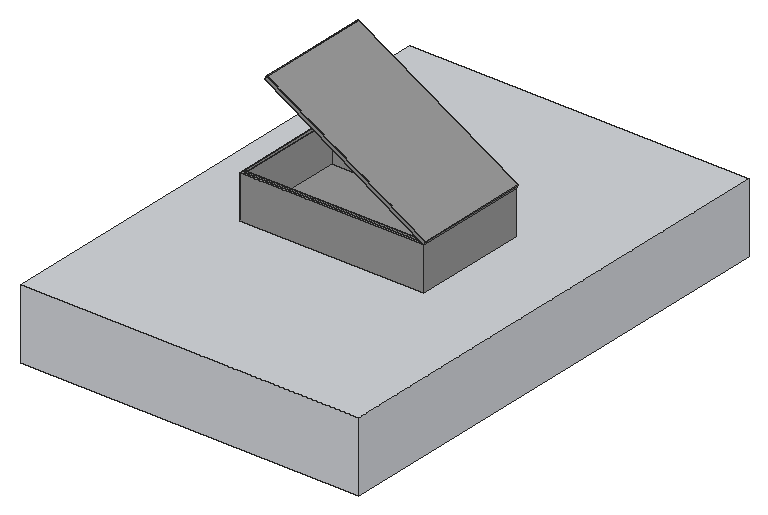
Revit family "Hager-Univers-IP44-D205-Cl.I-enclosure_metering-DE-de", category Equipement électrique, Revit 2020
Family settings
  Hôte = Face
  Configuration du panneau = Deux colonnes, circuits au sein
  Cote de connecteur circulaire = Utiliser le diamètre
  Type d'élément = Tableau de raccordement
  Couper avec des vides une fois chargée = Non
  Partagée = Non
  Point de calcul de pièce = Non
Parameters (values of type "Aufputz IP44 B800 H500 T205  - ZB013T")
  Width Control [instance] = if([EF000008 - Breite] > Min Width, [EF000008 - Breite], Min Width)  # 800 mm
  Commentaires du type = [HG000003 - Bereich]  # "Univers"
  Thickness Door [instance] = if([EF009171 - Materialstärke Tür/Deckel] > 3 mm, 3 mm, [EF009171 - Materialstärke Tür/Deckel])  # 1 mm
  Seal Frame Offset [instance] = 17 mm  # constant formula
  Plinth Visibility [instance] = [HG000027 - Sockelhöhe] > 0 mm  # no
  Model = ""
  Min Width [instance] = 100 mm  # constant formula
  Min Height [instance] = 100 mm  # constant formula
  Min Depth [instance] = (2 * [EF009170 - Materialstärke Gehäuse]) + 1 mm  # 3 mm
  Internal Frame Depth [instance] = (Door System Depth * 0.5)  # 9 mm
  Height Control [instance] = if([EF000040 - Höhe] > Min Height, [EF000040 - Höhe], Min Height)  # 500 mm
  HG000027 - Sockelhöhe = 0 mm
  HG000026 - Stehend auf dem Boden = no
  HG000024 - Höhe des unteren Teils = 800 mm
  HG000023 - Gehäuse mit doppeltem Querschnitt = no
  HG000016 - 3D-Türsichtbarkeit [instance] = yes
  HG000015 - Sichtbarkeit der Türöffnung [instance] = no
  HG000014 - Tür rechts [instance] = yes
  HG000013 - Tür links [instance] = not([HG000014 - Tür rechts])  # no
  HG000012 - Türschwenkwinkel [instance] = 30.00°
  HG000010 - Asymmetrische Türen = no
  HG000009 - Doppelflügeligen Tür = no
  HG000006 - Unterputz = no
  HG000004 - Herstellerreferenz = "ZB013T"
  HG000003 - Bereich = "Univers"
  HG000002 - Mit tür = yes
  Frame Offset Bottom [instance] = 10 mm  # constant formula
  Frame Offset [instance] = 15 mm  # constant formula
  EF015940 - Deckel mit Überdruckentlastung = no
  EF011959 - Schutzart (NEMA) = ""
  EF009554 - Anzahl der Öffnungen für Flanschplatten = 0
  Fabricant = "Hager"  # constant formula
  EF009212 - Ausführung Deckel = "EV000116 - geschlossen"
  EF009171 - Materialstärke Tür/Deckel = 1 mm
  EF009170 - Materialstärke Gehäuse = 1 mm
  EF008873 - Nennstrom (In) = 250 A
  EF007800 - Geeignet für Blitzschutz = no
  EF006306 - Mit Schloss = no
  EF006244 - Transparenter Deckel/Tür = no
  EF005474 - Schutzart (IP) = "EV006418 - IP44"
  EF004464 - Art der Tür = "EV003602 - Doppel"
  EF004427 - Anzahl der Module = 0
  EF004293 - Schlagfestigkeit = "EV006815 - IK09"
  EF003532 - Geeignet für Außengebrauch = no
  EF002950 - Breite in Teilungseinheiten = 0
  EF001613 - Funktionserhalt = "EV000494 - ohne"
  EF001596 - Werkstoff des Gehäuses = "EV000179 - Stahl"
  EF001131 - Innentiefe = 0 mm
  EF001088 - Anbaumöglichkeit = yes
  EF000437 - Anzahl der Leitungseinführungen = 0
  EF000339 - Art der Abdeckung = "EV004216 - Tür"
  EF000266 - Anzahl der Reihen = 0
  EF000218 - Einbautiefe = 0 mm
  EF000118 - Mit Montageplatte = no
  EF000116 - RAL-Nummer = "9010"
  EF000049 - Tiefe = 205 mm
  EF000040 - Höhe = 500 mm
  EF000008 - Breite = 800 mm
  EF000007 - Farbe = "EV000202 - weiß"
  EF000003 - Montageart = "EV000384 - Aufputz"
  Door System Leaf Tolerance [instance] = 1.5 mm  # constant formula
  Door System Depth [instance] = 18 mm  # constant formula
  Door Height [instance] = Height Control - [HG000027 - Sockelhöhe]  # 500 mm
  Depth Control [instance] = if([EF000049 - Tiefe] > Min Depth, [EF000049 - Tiefe], Min Depth)  # 205 mm
  Default Elevation = 0 mm
  Connector Offset [instance] = Height Control / 2  # 250 mm
  Bottom Top Plate Trim [instance] = 1.5 mm  # constant formula
  Plinth height Ctrl [instance] = if([HG000027 - Sockelhöhe] > 0 mm, [HG000027 - Sockelhöhe], 12 mm)  # 12 mm
Types (5, lengths in mm): name | Width Control | HG000004 - Herstellerreferenz | EF004464 - Art der Tür | EF004427 - Anzahl der Module | EF000266 - Anzahl der Reihen | EF000008 - Breite
  Aufputz IP44 B1050 H500 T205  - ZB014T | 1050 | "ZB014T" | "EV003602 - Doppel" | 144 | 0 | 1050
  Aufputz IP44 B1300 H500 T205  - ZB015T | 1300 | "ZB015T" | "EV003602 - Doppel" | 180 | 0 | 1300
  Aufputz IP44 B300 H500 T205  - ZB011T | 300 | "ZB011T" | "EV002646 - Einzel" | 48 | 4 | 300
  Aufputz IP44 B550 H500 T205  - ZB012T | 550 | "ZB012T" | "EV002646 - Einzel" | 0 | 0 | 550
  Aufputz IP44 B800 H500 T205  - ZB013T | 800 | "ZB013T" | "EV003602 - Doppel" | 0 | 0 | 800
Reference planes
  plane 1 "Center (Front/Back)": y = 0
  plane 2: z = 0
  plane 3 "Center (Left/Right)": x = 0
  plane 4: z = 205
  plane 5: y = 1
  plane 6: y = 250
  plane 7: y = 0
  plane 8: y = 500
  plane 9: z = 0
  plane 10: x = -385
  plane 11: x = 385
  plane 12: x = 384
  plane 13: x = -384
  plane 14: y = 499
  plane 15: x = -383
  plane 16: x = -400
  plane 17: x = 383
  plane 18: x = 400
  plane 19: x = 399
  plane 20: x = -399
  plane 21: y = 11
  plane 22: y = 500
  plane 23: y = 484
  plane 24: z = 187
  plane 25: z = 1
  plane 26: z = 186
  plane 27: z = 204
Forms (mm)
  Extrusion 1, solid
    sketch origin (0, 0, 0) x (1, 0, 0) y (0, 1, 0)
      loop
        line (-702.964, 1305) -> (-702.964, -811.445) -> (766.763, -811.445) -> (766.763, 1305) -> (-702.964, 1305)
    from 0 to -304.8
  Extrusion 2, solid, material "Hager_Steel_RAL7035_Light_Grey", visible <- "Plinth Visibility", detail levels medium+fine
    sketch origin (0, 0, 0) x (1, 0, 0) y (0, 1, 0)
      loop
        line (-400, 0) -> (400, 0) -> (400, 12) -> (-400, 12) -> (-400, 0)
    from 0 to 187
  Extrusion 3, solid, material "Hager_Steel_RAL7035_Light_Grey", detail levels medium+fine
    sketch origin (0, 0, 0) x (1, 0, 0) y (0, 1, 0)
      loop
        line (-400, 0) -> (400, 0) -> (400, 500) -> (-400, 500) -> (-400, 0)
    from 0 to 187
  Extrusion 4, void
    sketch origin (0, 0, 0) x (1, 0, 0) y (0, 1, 0)
      loop
        line (-399, 1) -> (399, 1) -> (399, 499) -> (-399, 499) -> (-399, 1)
    from 1 to 186
  Extrusion 5, void
    sketch origin (-381.607, -4572, 187) x (0, -1, 0) y (-1, 0, 0)
      loop
        line (-4583, 2.393) -> (-5056, 2.393) -> (-5056, -765.607) -> (-4583, -765.607) -> (-4583, 2.393)
    from 0 to 1 <- "EF009170 - Materialstärke Gehäuse"
  Extrusion 6, solid, material "Hager_Steel_RAL7035_Light_Grey", detail levels fine
    sketch origin (0, 0, 187) x (1, 0, 0) y (0, 1, 0)
      loop
        line (-384, 484) -> (-384, 11) -> (384, 11) -> (384, 484) -> (-384, 484)
      loop
        line (-385, 10) -> (385, 10) -> (385, 485) -> (-385, 485) -> (-385, 10)
    from 0 to 9 <- "Internal Frame Depth"
  Extrusion 7, solid, material "Hager_Steel_RAL7035_Light_Grey", detail levels coarse
    sketch origin (0, 0, 0) x (1, 0, 0) y (0, 1, 0)
      loop
        line (-400, 0) -> (400, 0) -> (400, 500) -> (-400, 500) -> (-400, 0)
    from 0 to 205
  Sweep 8, void
    path in 3D
      loop
        line (-400, 12, 0) -> (400, 12, 0) -> (400, 12, 187) -> (-400, 12, 187) -> (-400, 12, 0)
    profile origin (-400, 12, 93.5) x (-1, 0, 0) y (0, -1, 0)
      loop
        line (0, 0) -> (0, 1.5) -> (-1.5, 1.5)
        arc (-1.5, 1.5) -> (-1.061, 0.439) -> (0, 0) r 1.5
Cuts and joins
  Extrusion 4, Extrusion 5 cuts Extrusion 3
  Sweep 8 cuts Extrusion 2
Lines and regions (mm)
  Masking region 1
    outline origin (0, 0, 0) x (1, 0, 0) y (0, 0, 1)
      loop
        line (-400, 205) -> (-400, 0) -> (400, 0) -> (400, 205) -> (-400, 205)
  Masking region 2, detail levels medium+fine
    outline origin (0, 140, 0) x (0, 1, 0) y (0, 0, 1)
      loop
        line (-140, 0) -> (360, 0) -> (360, 187) -> (-140, 187) -> (-140, 0)
  Masking region 3, not visible, detail levels medium+fine
    outline origin (0, 297.922, 0) x (0, 1, 0) y (0, 0, 1)
      loop
        line (-36.422, 0) -> (3.578, 0) -> (3.578, 194)
        arc (3.578, 194) -> (0.649, 201.071) -> (-6.422, 204) r 10
        line (-6.422, 204) -> (-36.422, 204) -> (-36.422, 0)
  Masking region 4, detail levels coarse
    outline origin (0, 0, 180) x (0, 1, 0) y (0, 0, 1)
      loop
        line (0, -180) -> (500, -180) -> (500, 25) -> (0, 25) -> (0, -180)
  Masking region 5, visible <- "Plinth Visibility", detail levels medium+fine
    outline origin (0, 52.24, 12.345) x (0, 0, -1) y (0, 1, 0)
      loop
        line (10.845, -40.24) -> (-173.155, -40.24)
        arc (-173.155, -40.24) -> (-173.594, -41.301) -> (-174.655, -41.74) r 1.5
        line (-174.655, -41.74) -> (-174.655, -52.24) -> (12.345, -52.24) -> (12.345, -41.74)
        arc (12.345, -41.74) -> (11.285, -41.301) -> (10.845, -40.24) r 1.5
  Masking region 6, detail levels medium+fine
    outline origin (-381.607, -4572, 187) x (-1, 0, 0) y (0, -1, 0)
      loop
        line (18.393, -5072) -> (18.393, -4572) -> (-781.607, -4572) -> (-781.607, -5072) -> (18.393, -5072)
  Masking region 7, visible <- "Plinth Visibility", detail levels medium+fine
    outline origin (-381.607, -4727, 187) x (-1, 0, 0) y (0, -1, 0)
      loop
        arc (16.893, -4739) -> (17.332, -4737.939) -> (18.393, -4737.5) r 1.5
        line (18.393, -4737.5) -> (18.393, -4727) -> (-781.607, -4727) -> (-781.607, -4737.5)
        arc (-781.607, -4737.5) -> (-780.546, -4737.939) -> (-780.107, -4739) r 1.5
        line (-780.107, -4739) -> (16.893, -4739)
  Masking region 8, detail levels coarse
    outline origin (-442.548, -4669.526, 187) x (-1, 0, 0) y (0, -1, 0)
      loop
        line (-42.548, -5169.526) -> (-42.548, -4669.526) -> (-842.548, -4669.526) -> (-842.548, -5169.526) -> (-42.548, -5169.526)
  sketch lines
    curve 1: line (-400, 12, 187) -> (-400, 12, 0)
    curve 2: line (400, 12, 187) -> (-400, 12, 187)
    curve 3: line (400, 12, 187) -> (400, 12, 0)
    curve 4: line (-400, 12, 0) -> (400, 12, 0)
Dimensions and locks
  "Depth Control": plane 4 to Extrusion 1
  "HG000027 - Sockelhöhe": plane 1 "Center (Front/Back)" to plane 7
  "EF009170 - Materialstärke Gehäuse": plane 5 to plane 7
  locked: connector elem to plane 3 "Center (Left/Right)"
  equal spacing: plane 8, plane 6, plane 7
  locked: connector elem to plane 6
  "EF009170 - Materialstärke Gehäuse": plane 8 to plane 14
  "EF009170 - Materialstärke Gehäuse": plane 10 to plane 13
  "EF009170 - Materialstärke Gehäuse": plane 12 to plane 11
  "Frame Offset": plane 20 to plane 13
  "Frame Offset": plane 12 to plane 19
  "EF009170 - Materialstärke Gehäuse": plane 16 to plane 20
  "EF009170 - Materialstärke Gehäuse": plane 19 to plane 18
  "Seal Frame Offset": plane 16 to plane 15
  "Seal Frame Offset": plane 17 to plane 18
  "Frame Offset Bottom": plane 21 to plane 5
  "Frame Offset": plane 14 to plane 23
  equal spacing: plane 16, plane 3 "Center (Left/Right)", plane 18
  "Width Control": plane 16 to plane 18
  "EF009170 - Materialstärke Gehäuse": plane 4 to plane 27
  "EF009170 - Materialstärke Gehäuse": plane 24 to plane 26
  "EF009170 - Materialstärke Gehäuse": plane 25 to level
  "Door System Depth": plane 4 to plane 24
  "Height Control": plane 1 "Center (Front/Back)" to Extrusion 7 sketch curve
  "Height Control": Masking region 4 sketch curve to plane 1 "Center (Front/Back)"
  "Height Control": plane 1 "Center (Front/Back)" to plane 22
  "Bottom Top Plate Trim": profile plane to Sweep 8 sketch curve
  "Bottom Top Plate Trim": Sweep 8 sketch curve to profile plane
  "Plinth height Ctrl": plane 1 "Center (Front/Back)" to Extrusion 2 sketch curve
  "Plinth height Ctrl": Masking region 5 sketch curve to plane 1 "Center (Front/Back)"
  "Plinth height Ctrl": plane 1 "Center (Front/Back)" to Masking region 7 sketch curve
  "Thickness Door": Extrusion 6 sketch curve to Extrusion 6 sketch curve  (x3)
  "Thickness Door": cut or joined group of Extrusion 3, Extrusion 4, Extrusion 5 to Extrusion 6 sketch curve
  radius of Masking region 3 sketch curve = 10 mm
  "Bottom Top Plate Trim": radius of Masking region 5 sketch curve  (x2)
  "Bottom Top Plate Trim": radius of Sweep 8 sketch curve
  "Bottom Top Plate Trim": radius of Masking region 7 sketch curve  (x2)
  aligned and locked: plane 2 to Extrusion 1
  aligned and locked: level to Extrusion 1
  aligned and locked: level to Masking region 1 sketch curve
  aligned and locked: Masking region 1 sketch curve to plane 18
  aligned and locked: Masking region 1 sketch curve to plane 16
  aligned and locked: plane 7 to Masking region 2 sketch curve
  aligned and locked: level to Masking region 3 sketch curve
  aligned and locked: Masking region 3 sketch curve to plane 27
  aligned and locked: level to Masking region 2 sketch curve
  aligned and locked: plane 1 "Center (Front/Back)" to Extrusion 2 sketch curve
  aligned and locked: Extrusion 3 sketch curve to plane 7
  aligned and locked: plane 16 to Extrusion 3 sketch curve
  aligned and locked: plane 18 to Extrusion 3 sketch curve
  aligned and locked: plane 20 to Extrusion 4 sketch curve
  aligned and locked: plane 19 to Extrusion 4 sketch curve
  aligned and locked: Extrusion 4 sketch curve to plane 5
  aligned and locked: Extrusion 4 to plane 25
  aligned and locked: plane 26 to Extrusion 4
  aligned and locked: plane 24 to Extrusion 3
  aligned and locked: Extrusion 5 sketch curve to plane 21
  aligned and locked: Extrusion 5 sketch curve to plane 13
  aligned and locked: Extrusion 5 sketch curve to plane 12
  aligned and locked: plane 18 to Extrusion 7 sketch curve
  aligned and locked: plane 1 "Center (Front/Back)" to Extrusion 7 sketch curve
  aligned and locked: plane 16 to Extrusion 7 sketch curve
  aligned and locked: plane 4 to Extrusion 7
  aligned and locked: Extrusion 7 to level
  aligned and locked: level to Masking region 4 sketch curve
  aligned and locked: Masking region 4 sketch curve to plane 1 "Center (Front/Back)"
  aligned and locked: Masking region 4 sketch curve to plane 4
  aligned and locked: nested 1 to level
  aligned and locked: nested 1 to plane 16
  aligned and locked: plane 8 to Extrusion 3 sketch curve
  aligned and locked: plane 23 to Extrusion 5 sketch curve
  aligned and locked: plane 14 to Extrusion 4 sketch curve
  aligned and locked: Masking region 2 sketch curve to plane 8
  aligned and locked: level to Masking region 5 sketch curve
  aligned and locked: plane 16 to Extrusion 2 sketch curve
  aligned and locked: plane 18 to Extrusion 2 sketch curve
  aligned and locked: Masking region 5 sketch curve to plane 24
  aligned and locked: Masking region 2 sketch curve to plane 24
  aligned and locked: plane 24 to Extrusion 2
  aligned and locked: profile plane to Sweep 8 sketch curve  (x2)
  aligned and locked: Masking region 6 sketch curve to plane 18
  aligned and locked: Masking region 6 sketch curve to plane 22
  aligned and locked: Masking region 6 sketch curve to plane 16
  aligned and locked: plane 8 to plane 22
  aligned and locked: Masking region 6 sketch curve to plane 7
  aligned and locked: Masking region 7 sketch curve to plane 16
  aligned and locked: Masking region 7 sketch curve to plane 1 "Center (Front/Back)"
  aligned and locked: Masking region 7 sketch curve to plane 18
  aligned and locked: Masking region 8 sketch curve to plane 1 "Center (Front/Back)"
  aligned and locked: Masking region 8 sketch curve to plane 18
  aligned and locked: Masking region 8 sketch curve to plane 22
  aligned and locked: Masking region 8 sketch curve to plane 16
  aligned and locked: nested 2 to plane 7
  aligned and locked: plane 3 "Center (Left/Right)" to nested 2
  aligned and locked: nested 2 to plane 24
  aligned and locked: Extrusion 6 sketch curve to cut or joined group of Extrusion 3, Extrusion 4, Extrusion 5  (x4)
Automatic sketch dimensions
  Extrusion 1 sketch curve to Extrusion 1 sketch curve = 1469.727 mm
  Extrusion 1 sketch curve to Extrusion 1 sketch curve = 2116.445 mm
  Masking region 1 sketch curve to plane 4 = 0 mm
  plane 6 to Masking region 3 sketch curve = 11.5 mm
  Masking region 3 sketch curve to Masking region 3 sketch curve = 30 mm
  Masking region 5 sketch curve to plane 1 "Center (Front/Back)" = 0 mm
Nested families
  nested 1: "Hager_Enclosure_Symbol" at (-400, 0, 0) x (1, 0, 0) z (0, -1, 0), Height <- "Depth Control", Width <- "Width Control", type "Hager_Enclosure_Symbol"
    with Width_Ctrl 800 mm, Width 800 mm, Height_Ctrl 205 mm, Height 205 mm, A_Width_Int 13.453 mm, A_Width 161.438 mm, A_Height_Ctrl 179.375 mm, A_Height 179.375 mm
  nested 2: "EC000058_Univers_Door" at (0, 0, 187) x (1, 0, 0) z (0, 1, 0), Leaf_Tolerance <- "Door System Leaf Tolerance", Angle <- "HG000012 - Türschwenkwinkel", Door_Depth <- "Door System Depth", Door_Left <- "HG000013 - Tür links", Transparent <- "EF006244 - Transparenter Deckel/Tür", Assymetrical <- "HG000010 - Asymmetrische Türen", Width <- "Width Control", Clearance <- "HG000015 - Sichtbarkeit der Türöffnung", Double <- "HG000009 - Doppelflügeligen Tür", 3d_Door <- "HG000016 - 3D-Türsichtbarkeit", Lock_Visibility <- "EF006306 - Mit Schloss", Width_Ctrl <- "Width Control", Door_Right <- "HG000014 - Tür rechts", Door <- "HG000002 - Mit tür", Height <- "Door Height", Thickness <- "Thickness Door", type "EC000058_Univers_Door", detail levels medium+fine
    with min_wh 3 mm, Width_Ctrl 800 mm, Width 800 mm, Transparent no, Thickness 1 mm, Seal_Material Hager_Rubber, Lock_Visibility no, Lock_Material Hager_Plastic_RAL9005_Jet_Black, Leaf_Width 800 mm, Leaf_Tolerance_External_Sides 0 mm, Leaf_Tolerance 1.5 mm, Leaf_Offset 0 mm, Leaf_Height 497 mm, Leaf_2_Width 800 mm, Leaf_2_Offset 400 mm, Leaf_1_Width 800 mm, Leaf_1_Offset 400 mm, Height_Ctrl 500 mm, Height 500 mm, Glass_Material Hager_Glass, Double_Clearance_Ctrl no, Double no, Door_Right_Ctrl yes, Door_Right yes, Door_Material Hager_Steel_RAL7035_Light_Grey, Door_Left_Ctrl no, Door_Left no, Door_Depth 18 mm, Door yes, Clearance_Material Hager_Clearance, Clearance_Depth 800 mm, Clearance_Ctrl no, Clearance no, Assymetrical no, Angle 30.00°, 3d_Door yes
Connectors
  electrical at (0, 250, 0)
    settings: on plane 9, index 1, voltage 0 V, apparent load 0 VA, apparent load phase1 0 VA, apparent load phase2 0 VA, apparent load phase3 0 VA, power factor 1, load classification "Other", number of poles 1, system type 30, power factor state 1, is connector primary yes, connector utility no, sub classification motor no, connector description ""
Definition of nested family "EC000058_Univers_Door"
  Parameters (values of type "EC000058_Univers_Door")
    min_wh [instance] = (2 * Thickness) + 1 mm  # 11 mm
    Width_Ctrl [instance] = 400 mm
    Width [instance] = 500 mm
    Transparent [instance] = yes
    Thickness [instance] = 5 mm
    Seal_Material [instance] = none
    Lock_Visibility [instance] = yes
    Lock_Material [instance] = none
    Leaf_Width [instance] = if((Width_Ctrl - 2 * Leaf_Tolerance_External_Sides) > 0 mm, (Width_Ctrl - 2 * Leaf_Tolerance_External_Sides), min_wh)  # 400 mm
    Leaf_Tolerance_External_Sides [instance] = 0 mm  # constant formula
    Leaf_Tolerance [instance] = 1.5 mm
    Leaf_Offset [instance] = 0 mm  # constant formula
    Leaf_Height [instance] = if((Height_Ctrl - 2 * Leaf_Tolerance) > 0 mm, (Height_Ctrl - 2 * Leaf_Tolerance), min_wh)  # 497 mm
    Leaf_2_Width [instance] = if(and(and(Double, Assymetrical), Door_Left), (Leaf_Width / 3) - (Leaf_Tolerance / 2), if(and(and(Double, Assymetrical), Door_Right), (Leaf_Width / 3) * 2 - (Leaf_Tolerance / 2), if(and(Double, not(Assymetrical)), (Leaf_Width / 2) - Leaf_Tolerance, Leaf_Width)))  # 400 mm
    Leaf_2_Offset [instance] = if(and(Double, Assymetrical), Leaf_2_Width / 2, if(and(Double, not(Assymetrical)), Leaf_Width / 4, Leaf_Width / 2))  # 200 mm
    Leaf_1_Width [instance] = if(and(and(Double, Assymetrical), Door_Right), (Leaf_Width / 3) - (Leaf_Tolerance / 2), if(and(and(Double, Assymetrical), Door_Left), (Width / 3) * 2 - (Leaf_Tolerance / 2), if(and(Double, not(Assymetrical)), (Leaf_Width / 2) - Leaf_Tolerance, Leaf_Width)))  # 400 mm
    Leaf_1_Offset [instance] = if(and(Double, Assymetrical), Leaf_1_Width / 2, if(and(Double, not(Assymetrical)), Leaf_Width / 4, Leaf_Width / 2))  # 200 mm
    Height_Ctrl [instance] = if(Height > min_wh, Height, min_wh)  # 500 mm
    Height [instance] = 500 mm
    Glass_Material [instance] = none
    Double_Clearance_Ctrl [instance] = and(Double, Clearance)  # no
    Double [instance] = no
    Door_Right_Ctrl [instance] = and(or(Door_Right, Double), Door)  # yes
    Door_Right [instance] = yes
    Door_Material [instance] = none
    Door_Left_Ctrl [instance] = and(or(Door_Left, Double), Door)  # no
    Door_Left [instance] = no
    Door_Depth [instance] = 30 mm
    Door [instance] = yes
    Default Elevation = 1219.2 mm
    Clearance_Material [instance] = none
    Clearance_Depth [instance] = if(Leaf_1_Width > Leaf_2_Width, Leaf_1_Width, Leaf_2_Width)  # 400 mm
    Clearance_Ctrl [instance] = and(not(Double), Clearance)  # yes
    Clearance [instance] = yes
    Assymetrical [instance] = yes
    Angle [instance] = 30.00°
    3d_Door [instance] = yes
  Reference planes
    plane 1 "Center (Front/Back)": y = 0
    plane 2 "Bottom": z = 0
    plane 3 "Center (Left/Right)": x = 0
    plane 4: z = 500
    plane 5: x = -200
    plane 6: x = 200
    plane 7: z = 500
    plane 8: x = -200
    plane 9: z = 0
    plane 10: x = 200
    plane 11: y = 0
    plane 12: z = 1.5
    plane 13: x = -600
    plane 14: y = -400
    plane 15: x = 600
    plane 16: x = 0
    plane 17: x = 0
    plane 18: x = -200
    plane 19: x = 200
    plane 20: z = 498.5
  Forms (mm)
    Extrusion 1, solid, material <- "Clearance_Material", visible <- "Double_Clearance_Ctrl"
      sketch origin (1200, 0, 0) x (1, 0, 0) y (0, 0, -1)
        loop
          line (-1800, -498.5) -> (-600, -498.5) -> (-600, 0) -> (-1800, 0) -> (-1800, -498.5)
      from 0 to -400
  Dimensions and locks
    equal spacing: plane 5, plane 3 "Center (Left/Right)", plane 6
    "Width_Ctrl": plane 5 to plane 6
    "Leaf_Offset": plane 5 to plane 8
    "Leaf_Offset": plane 6 to plane 10
    "Leaf_Offset": plane 9 to level
    "Leaf_Offset": plane 4 to plane 7
    "Height_Ctrl": plane 4 to level
    "Leaf_Tolerance": plane 12 to plane 9
    locked: plane 11 to plane 1 "Center (Front/Back)"
    "Leaf_1_Offset": plane 18 to plane 16
    "Leaf_2_Offset": plane 17 to plane 19
    "Leaf_1_Width": plane 13 to plane 8
    "Leaf_2_Width": plane 10 to plane 15
    "Clearance_Depth": plane 14 to plane 1 "Center (Front/Back)"
    "Leaf_Tolerance_External_Sides": plane 8 to plane 18
    "Leaf_Tolerance_External_Sides": plane 19 to plane 10
    "Leaf_Tolerance": plane 7 to plane 20
    aligned and locked: level to plane 2 "Bottom"
    aligned and locked: nested 1 to plane 16
    aligned and locked: nested 2 to plane 17
    aligned and locked: Extrusion 1 to plane 13
    aligned and locked: plane 15 to Extrusion 1
    aligned and locked: Extrusion 1 to plane 14
    aligned and locked: plane 12 to nested 1
    aligned and locked: nested 2 to plane 12
    aligned and locked: Extrusion 1 to plane 11
    aligned and locked: plane 20 to Extrusion 1
    aligned and locked: nested 2 to plane 11
    aligned and locked: nested 1 to plane 11
  Automatic sketch dimensions
    Extrusion 1 sketch curve to level = 0 mm
    plane 5 to Extrusion 1 sketch curve = 400 mm
    plane 6 to Extrusion 1 sketch curve = 400 mm
    Extrusion 1 sketch curve to plane 4 = 1.5 mm
  Nested families
    nested 1: "EC000058_Univers_Door_Leaf" at (0, 0, 1.5), Width <- "Leaf_1_Width", visible <- "Door_Left_Ctrl", Leaf_Height <- "Leaf_Height", Angle <- "Angle", 3d_Door <- "3d_Door", Transparent <- "Transparent", Clearance Material <- "Clearance_Material", Clearance <- "Clearance_Ctrl", Door_Material <- "Door_Material", Glass_Material <- "Glass_Material", Door_Depth <- "Door_Depth", Lock_Material <- "Lock_Material", Seal_Material <- "Seal_Material", Lock_Visibility <- "Lock_Visibility", Thickness <- "Thickness", type "EC000058_Univers_Door_Leaf"
      with Width 400 mm, Transparent_Glass_Offset 30 mm, Transparent_Ctrl yes, Transparent yes, Thickness 5 mm, Standard no, Seal_Material none, Seal_D2 8 mm, Seal_D1 1 mm, Offset_Internal_Frame 10 mm, Lock_Width 20 mm, Lock_Visibility_3d yes, Lock_Visibility yes, Lock_Thickness_3 3 mm, Lock_Thickness_2 1 mm, Lock_Thickness_1 3 mm, Lock_Radius_Offset_2 16 mm, Lock_Radius_Offset_1 15 mm, Lock_Radius_2 5 mm, Lock_Radius 6 mm, Lock_Offset 5 mm, Lock_Material none, Lock_Height 80 mm, Lock_Cover_Top_Offset_2d 17 mm, Lock_Cover_Height -65 mm, Leaf_Height 497 mm, Internal_Seal_Thickness 8 mm, Internal_Seal_Depth_2 4.5 mm, Internal_Frame_Depth 25 mm, Glass_Thickness -1 mm, Glass_Offset -2 mm, Glass_Material none, Door_Material none, Door_Depth 30 mm, Clearance Material none, Clearance yes, Angle_Ctrl 30.00°, Angle 30.00°, 3d_Door yes
    nested 2: "EC000058_Univers_Door_Leaf" at (0, 0, 1.5) x (-1, 0, 0) z (0, 0, 1), Width <- "Leaf_2_Width", visible <- "Door_Right_Ctrl", Leaf_Height <- "Leaf_Height", Angle <- "Angle", 3d_Door <- "3d_Door", Transparent <- "Transparent", Clearance Material <- "Clearance_Material", Clearance <- "Clearance_Ctrl", Door_Material <- "Door_Material", Glass_Material <- "Glass_Material", Door_Depth <- "Door_Depth", Lock_Material <- "Lock_Material", Seal_Material <- "Seal_Material", Lock_Visibility <- "Lock_Visibility", Thickness <- "Thickness", type "EC000058_Univers_Door_Leaf"
      with Width 400 mm, Transparent_Glass_Offset 30 mm, Transparent_Ctrl yes, Transparent yes, Thickness 5 mm, Standard no, Seal_Material none, Seal_D2 8 mm, Seal_D1 1 mm, Offset_Internal_Frame 10 mm, Lock_Width 20 mm, Lock_Visibility_3d yes, Lock_Visibility yes, Lock_Thickness_3 3 mm, Lock_Thickness_2 1 mm, Lock_Thickness_1 3 mm, Lock_Radius_Offset_2 16 mm, Lock_Radius_Offset_1 15 mm, Lock_Radius_2 5 mm, Lock_Radius 6 mm, Lock_Offset 5 mm, Lock_Material none, Lock_Height 80 mm, Lock_Cover_Top_Offset_2d 17 mm, Lock_Cover_Height -65 mm, Leaf_Height 497 mm, Internal_Seal_Thickness 8 mm, Internal_Seal_Depth_2 4.5 mm, Internal_Frame_Depth 25 mm, Glass_Thickness -1 mm, Glass_Offset -2 mm, Glass_Material none, Door_Material none, Door_Depth 30 mm, Clearance Material none, Clearance yes, Angle_Ctrl 30.00°, Angle 30.00°, 3d_Door yes
  Definition of nested family "EC000058_Univers_Door_Leaf"
    Parameters (values of type "EC000058_Univers_Door_Leaf")
      Width [instance] = 2000 mm
      Transparent_Glass_Offset [instance] = 30 mm
      Transparent_Ctrl [instance] = and(Transparent, [3d_Door])  # yes
      Transparent [instance] = yes
      Thickness [instance] = 5 mm
      Standard [instance] = and(not(Transparent), [3d_Door])  # no
      Seal_Material [instance] = none
      Seal_D2 [instance] = 8 mm  # constant formula
      Seal_D1 [instance] = 1 mm  # constant formula
      Offset_Internal_Frame [instance] = 10 mm  # constant formula
      Lock_Width [instance] = 20 mm  # constant formula
      Lock_Visibility_3d [instance] = and(Lock_Visibility, [3d_Door])  # yes
      Lock_Visibility [instance] = yes
      Lock_Thickness_3 [instance] = 3 mm  # constant formula
      Lock_Thickness_2 [instance] = 1 mm  # constant formula
      Lock_Thickness_1 [instance] = 3 mm  # constant formula
      Lock_Radius_Offset_2 [instance] = Lock_Radius_Offset_1 + 1 mm  # 16 mm
      Lock_Radius_Offset_1 [instance] = 15 mm  # constant formula
      Lock_Radius_2 [instance] = Lock_Radius - 1 mm  # 5 mm
      Lock_Radius [instance] = 6 mm  # constant formula
      Lock_Offset [instance] = 5 mm  # constant formula
      Lock_Material [instance] = none
      Lock_Height [instance] = 80 mm  # constant formula
      Lock_Cover_Top_Offset_2d [instance] = Lock_Radius_Offset_2 + 1 mm  # 17 mm
      Lock_Cover_Height [instance] = -(Lock_Height - Lock_Radius_Offset_1)  # -65 mm
      Leaf_Height [instance] = 2720.336 mm
      Internal_Seal_Thickness [instance] = 8 mm  # constant formula
      Internal_Seal_Depth_2 [instance] = 4.5 mm  # constant formula
      Internal_Frame_Depth [instance] = if(Door_Depth - Thickness > 5 mm, Door_Depth - Thickness, 5 mm)  # 25 mm
      Glass_Thickness [instance] = if(Thickness > 15 mm, Glass_Offset + 10 mm, -1 mm)  # -1 mm
      Glass_Offset [instance] = if(Thickness > 15 mm, -(Thickness + 10 mm) / 2, -2 mm)  # -2 mm
      Glass_Material [instance] = none
      Door_Material [instance] = none
      Door_Depth [instance] = 30 mm
      Default Elevation = 0 mm
      Clearance Material [instance] = none
      Clearance [instance] = yes
      Angle_Ctrl [instance] = if(Angle > 180.00°, 180.00°, Angle)  # 90.00°
      Angle [instance] = 90.00°
      3d_Door [instance] = yes
    Reference planes
      plane 1 "Center (Front/Back)": y = 0
      plane 2: z = 0
      plane 3 "Center (Left/Right)": x = 0
      plane 4: y = 2000
      plane 5: x = -1000
      plane 6: x = 1000
      plane 7: x = -3000
      plane 8: z = 2720.336
      plane 9: z = 30
      plane 10: z = 2690.336
      plane 11: x = 970
      plane 12: x = -970
      plane 13: y = -3
      plane 14: z = 107.833
      plane 15: y = -5
      plane 16: y = -223.314
      plane 17: x = -1000
      plane 18: z = 1360.168
      plane 19: y = 30
    Forms (mm)
      Extrusion 1, solid, material <- "Clearance Material", visible <- "Clearance"
        sketch origin (0, 0, 0) x (1, 0, 0) y (0, 0, 1)
          loop
            line (-3000, 2720.336) -> (-3000, 0) -> (1000, 0) -> (1000, 2720.336) -> (-3000, 2720.336)
        from 0 to -2000
      Extrusion 2, solid, material <- "Door_Material", visible <- "Standard", detail levels medium+fine
        sketch origin (-1000, 0, 0) x (0, 1, 0) y (-1, 0, 0)
          loop
            line (0, 30) -> (0, 25) -> (2000, 25) -> (2000, 30) -> (0, 30)
        from 0 to 2720.336 <- "Leaf_Height"
      Extrusion 3, solid, material <- "Door_Material", visible <- "Transparent_Ctrl", detail levels medium+fine
        sketch origin (-1000, 0, 0) x (0, 1, 0) y (-1, 0, 0)
          loop
            line (0, 25) -> (2000, 25) -> (2000, 30) -> (0, 30) -> (0, 25)
        from 0 to 2720.336 <- "Leaf_Height"
      Extrusion 4, void
        sketch origin (-1025, 2000, 0) x (0, 1, 0) y (0, 0, -1)
          loop
            line (-30, -2690.336) -> (-30, -30) -> (-1970, -30) -> (-1970, -2690.336) -> (-30, -2690.336)
        from 0 to 5 <- "Thickness"
      Sweep 5, solid, material <- "Seal_Material", visible <- "Transparent_Ctrl", detail levels fine
        path in 3D
          loop
            line (-1025, 30, 30) -> (-1025, 30, 2690.336) -> (-1025, 1970, 2690.336) -> (-1025, 1970, 30) -> (-1025, 30, 30)
        profile origin (-1025, 1000, 30) x (1, 0, 0) y (0, 0, 1)
          loop
            line (0, 0) -> (0, -8) -> (1, -8) -> (1, 0) -> (0, 0)
      Extrusion 6, solid, material <- "Glass_Material", visible <- "Transparent_Ctrl", detail levels medium+fine
        sketch origin (-1030, 0, 0) x (0, 1, 0) y (0, 0, -1)
          loop
            line (1970, -2690.336) -> (1970, -30) -> (30, -30) -> (30, -2690.336) -> (1970, -2690.336)
        from -2 <- "Glass_Offset" to -1 <- "Glass_Thickness"
      Extrusion 7, solid, material <- "Door_Material", visible <- "3d_Door", detail levels medium+fine
        sketch origin (-1025, 2000, 0) x (0, -1, 0) y (0, 0, -1)
          loop
            line (0, -2720.336) -> (2000, -2720.336) -> (2000, 0) -> (0, 0) -> (0, -2720.336)
          loop
            line (1995, -5) -> (5, -5) -> (5, -2715.336) -> (1995, -2715.336) -> (1995, -5)
        from 0 to 25 <- "Internal_Frame_Depth"
      Sweep 8, solid, material <- "Seal_Material", visible <- "Transparent_Ctrl", detail levels fine
        path in 3D
          loop
            line (-1025, 0, 0) -> (-1025, 2000, 0) -> (-1025, 2000, 2720.336) -> (-1025, 0, 2720.336) -> (-1025, 0, 0)
        profile origin (-1025, 0, 1360.168) x (1, 0, 0) y (0, 1, 0)
          loop
            line (0, 10) -> (2.975, 10)
            arc (2.975, 10) -> (4.053, 10.447) -> (4.5, 11.525) r 1.525
            line (4.5, 11.525) -> (4.5, 16.527)
            arc (4.5, 16.527) -> (4.069, 17.569) -> (3.027, 18) r 1.473
            line (3.027, 18) -> (0, 18) -> (0, 10)
      Extrusion 9, solid, material <- "Lock_Material", visible <- "Lock_Visibility_3d", detail levels fine
        sketch origin (-1030, 0, 0) x (0, 1, 0) y (0, 0, -1)
          loop
            arc (1993.5, -1400.168) -> (1994.561, -1399.729) -> (1995, -1398.668) r 1.5
            line (1995, -1398.668) -> (1995, -1320.168) -> (1975, -1320.168) -> (1975, -1398.668)
            arc (1975, -1398.668) -> (1975.439, -1399.729) -> (1976.5, -1400.168) r 1.5
            line (1976.5, -1400.168) -> (1993.5, -1400.168)
        from 3 <- "Lock_Thickness_1" to 0
      Blend 10, solid, material <- "Lock_Material", visible <- "Lock_Visibility_3d", detail levels fine
        base sketch origin (-1033, 0, 0) x (0, 1, 0) y (0, 0, -1)
          loop
            line (1975, -1320.168) -> (1975, -1398.668)
            arc (1975, -1398.668) -> (1975.439, -1399.729) -> (1976.5, -1400.168) r 1.5
            line (1976.5, -1400.168) -> (1993.5, -1400.168)
            arc (1993.5, -1400.168) -> (1994.561, -1399.729) -> (1995, -1398.668) r 1.5
            line (1995, -1398.668) -> (1995, -1320.168) -> (1975, -1320.168)
        top sketch origin (-1033, 0, 0) x (0, 1, 0) y (0, 0, -1)
          loop
            line (1976, -1320.168) -> (1976, -1398.668)
            arc (1976, -1398.668) -> (1976.146, -1399.022) -> (1976.5, -1399.168) r 0.5
            line (1976.5, -1399.168) -> (1993.5, -1399.168)
            arc (1993.5, -1399.168) -> (1993.854, -1399.022) -> (1994, -1398.668) r 0.5
            line (1994, -1398.668) -> (1994, -1320.168) -> (1976, -1320.168)
        from 0 to 1 <- "Lock_Thickness_2"
      Blend 11, solid, material <- "Lock_Material", visible <- "Lock_Visibility_3d", detail levels fine
        base sketch origin (-1034, 0, 0) x (0, 1, 0) y (0, 0, -1)
          loop
            line (1978, -1320.168) -> (1978, -1384.168)
            arc (1978, -1384.168) -> (1985, -1391.168) -> (1992, -1384.168) r 7
            line (1992, -1384.168) -> (1992, -1320.168) -> (1978, -1320.168)
        top sketch origin (-1034, 0, 0) x (0, 1, 0) y (0, 0, -1)
          loop
            line (1991, -1320.168) -> (1979, -1320.168) -> (1979, -1383.168)
            arc (1979, -1383.168) -> (1985, -1389.168) -> (1991, -1383.168) r 6
            line (1991, -1383.168) -> (1991, -1320.168)
        from 0 to 3 <- "Lock_Thickness_3"
      Extrusion 12, solid, material <- "Lock_Material", visible <- "Lock_Visibility_3d", detail levels fine
        sketch origin (-1030, 1975, 1320.168) x (1, 0, 0) y (0, -1, 0)
          loop
            line (-7, -19) -> (-7, -1) -> (0, -1) -> (0, 0) -> (-8, 0) -> (-8, -20) -> (0, -20) -> (0, -19) -> (-7, -19)
        from 0 to -65 <- "Lock_Cover_Height"
      Extrusion 13, void
        sketch origin (-1038, 1995, 1320.168) x (-1, 0, 0) y (0, 0, -1)
          loop
            line (-5, -65) -> (0, -65) -> (-5, -60) -> (-5, -65)
        from 0 to 20 <- "Lock_Width"
      Extrusion 14, void
        sketch origin (-1038, 1975, 1320.168) x (0, -1, 0) y (0, 0, -1)
          loop
            circle (-10, -15.995) r 6
          loop
            circle (-10, -15.995) r 5
        from 0 to 2
      Extrusion 15, solid, material <- "Lock_Material", visible <- "Lock_Visibility_3d", detail levels medium
        sketch origin (-1030, 0, 0) x (0, 1, 0) y (0, 0, -1)
          loop
            arc (1993.5, -1400.168) -> (1994.561, -1399.729) -> (1995, -1398.668) r 1.5
            line (1995, -1398.668) -> (1995, -1320.168) -> (1975, -1320.168) -> (1975, -1398.668)
            arc (1975, -1398.668) -> (1975.439, -1399.729) -> (1976.5, -1400.168) r 1.5
            line (1976.5, -1400.168) -> (1993.5, -1400.168)
        from 8 to 0
    Cuts and joins
      Extrusion 4 cuts Extrusion 3
      Extrusion 13, Extrusion 14 cuts Extrusion 9
      Extrusion 14 cuts Blend 11
      Extrusion 13, Extrusion 14 cuts Extrusion 12
      joined: Extrusion 9, Blend 10, Blend 11, Extrusion 12
      Extrusion 14 cuts Extrusion 15
    Lines and regions (mm)
      Masking region 1, visible <- "Lock_Visibility", detail levels fine
        outline origin (0, 0, 0) x (0, 1, 0) y (0, 0, 1)
          loop
            line (30, 1320.168) -> (33, 1320.168) -> (33, 1400.168) -> (30, 1400.168) -> (30, 1320.168)
      Masking region 2, visible <- "Lock_Visibility", detail levels fine
        outline origin (0, 3.143, 0) x (0, 1, 0) y (0, 0, 1)
          loop
            line (29.857, 1354.168) -> (30.857, 1354.168) -> (30.857, 1366.168) -> (29.857, 1366.168) -> (29.857, 1354.168)
      Masking region 3, detail levels medium+fine
        outline origin (0, 0, 0) x (0, 1, 0) y (0, 0, 1)
          loop
            line (0, 0) -> (30, 0) -> (30, 2720.336) -> (0, 2720.336) -> (0, 0)
      Masking region 4, detail levels medium+fine
        outline origin (0, 0, 0) x (1, 0, 0) y (0, 0, 1)
          loop
            line (-1000, 2720.336) -> (-1000, 0) -> (1000, 0) -> (1000, 2720.336) -> (-1000, 2720.336)
      Masking region 5, visible <- "Lock_Visibility", detail levels fine
        outline origin (-47.116, 0, 0) x (1, 0, 0) y (0, 0, 1)
          loop
            arc (1024.616, 1399.168) -> (1023.556, 1398.729) -> (1023.116, 1397.668) r 1.5
            line (1023.116, 1397.668) -> (1023.116, 1320.168) -> (1041.116, 1320.168) -> (1041.116, 1397.668)
            arc (1041.116, 1397.668) -> (1040.677, 1398.729) -> (1039.616, 1399.168) r 1.5
            line (1039.616, 1399.168) -> (1024.616, 1399.168)
      Masking region 6, visible <- "Lock_Visibility", detail levels medium+fine
        outline origin (-25, 0, 0) x (1, 0, 0) y (0, 0, 1)
          loop
            arc (1001.5, 1400.168) -> (1000.439, 1399.729) -> (1000, 1398.668) r 1.5
            line (1000, 1398.668) -> (1000, 1320.168) -> (1020, 1320.168) -> (1020, 1398.668)
            arc (1020, 1398.668) -> (1019.561, 1399.729) -> (1018.5, 1400.168) r 1.5
            line (1018.5, 1400.168) -> (1001.5, 1400.168)
      Masking region 7, visible <- "Lock_Visibility", detail levels fine
        outline origin (-73.735, 0, 0) x (1, 0, 0) y (0, 0, 1)
          loop
            line (1051.735, 1382.168) -> (1065.735, 1382.168) -> (1065.735, 1384.168)
            arc (1065.735, 1384.168) -> (1058.735, 1391.168) -> (1051.735, 1384.168) r 7
            line (1051.735, 1384.168) -> (1051.735, 1382.168)
      Masking region 8, visible <- "Lock_Visibility", detail levels fine
        outline origin (-73.735, 0, 0) x (1, 0, 0) y (0, 0, 1)
          loop
            line (1052.735, 1382.168) -> (1064.735, 1382.168) -> (1064.735, 1383.168)
            arc (1064.735, 1383.168) -> (1058.735, 1389.168) -> (1052.735, 1383.168) r 6
            line (1052.735, 1383.168) -> (1052.735, 1382.168)
      Masking region 9, visible <- "Lock_Visibility", detail levels fine
        outline origin (-25, 0, 0) x (1, 0, 0) y (0, 0, 1)
          loop
            line (1020, 1320.168) -> (1020, 1382.168) -> (1000, 1382.168) -> (1000, 1320.168) -> (1020, 1320.168)
      Masking region 10, detail levels medium+fine
        outline origin (0, 0, 0) x (1, 0, 0) y (0, 0, 1)
          loop
            circle (985, 1335.144) r 6
      Masking region 11, detail levels fine
        outline origin (0, 0, 0) x (1, 0, 0) y (0, 0, 1)
          loop
            circle (985, 1335.144) r 5
      Masking region 12, visible <- "Lock_Visibility", detail levels fine
        outline origin (0, 12.767, 0) x (0, 1, 0) y (0, 0, 1)
          loop
            line (20.233, 1320.168) -> (21.233, 1320.168) -> (21.233, 1399.168) -> (20.233, 1400.168) -> (20.233, 1320.168)
      Masking region 13, visible <- "Lock_Visibility", detail levels fine
        outline origin (0, 13.767, -10) x (0, 1, 0) y (0, 0, 1)
          loop
            line (20.233, 1330.168) -> (23.233, 1330.168) -> (23.233, 1399.168) -> (20.233, 1402.168) -> (20.233, 1330.168)
      Masking region 14, visible <- "Lock_Visibility", detail levels fine
        outline origin (0, 12.767, -10) x (0, 1, 0) y (0, 0, 1)
          loop
            line (20.233, 1330.168) -> (25.233, 1330.168) -> (25.233, 1399.305) -> (20.233, 1394.305) -> (20.233, 1330.168)
      Masking region 15, visible <- "Lock_Visibility", detail levels medium
        outline origin (0, 0, 0) x (0, 1, 0) y (0, 0, 1)
          loop
            line (30, 1320.168) -> (38, 1320.168) -> (38, 1400.168) -> (30, 1400.168) -> (30, 1320.168)
      Masking region 16, visible <- "Lock_Visibility", detail levels fine
        outline origin (-1000, 0, 0) x (0, 1, 0) y (-1, 0, 0)
          loop
            line (1975, 30) -> (1995, 30) -> (1995, 38) -> (1975, 38) -> (1975, 30)
          loop
            line (1979, 37) -> (1976, 37) -> (1976, 34) -> (1978, 34) -> (1979, 37)
          loop
            line (1994, 37) -> (1991, 37) -> (1992, 34) -> (1994, 34) -> (1994, 37)
      Masking region 17, visible <- "Lock_Visibility", detail levels medium
        outline origin (-1000, 0, 0) x (0, 1, 0) y (-1, 0, 0)
          loop
            line (1975, 30) -> (1995, 30) -> (1995, 38) -> (1975, 38) -> (1975, 30)
      symbolic lines
        curve 1: line (1000, 0, 0) -> (-3000, 0, 0)
        curve 2: arc (1000, 0, 0) -> (-1000, 2000, 0) -> (-3000, 0, 0) r 2000
        curve 4: line (-1030, 0, 0) -> (-1030, 2000, 0)
      reference lines
        curve 3: line (-1000, 0, 0) -> (-1000, 2000, 0)
      symbolic lines, detail levels medium+fine
        curve 5: line (-1030, 2000, 0) -> (-1025, 2000, 0)
        curve 7: line (-1025, 0, 0) -> (-1030, 0, 0)
        curve 8: line (-1025, 0, 0) -> (-1000, 0, 0)
        curve 9: line (-1000, 0, 0) -> (-1000, 2000, 0)
        curve 10: line (-1000, 2000, 0) -> (-1025, 2000, 0)
      symbolic lines, detail levels fine
        curve 6: line (-1025, 2000, 0) -> (-1025, 0, 0)
      sketch lines
        curve 11: line (-1025, 0, 2720.336) -> (-1025, 0, 0)
        curve 12: line (-1025, 2000, 0) -> (-1025, 0, 0)
        curve 13: line (-1025, 2000, 2720.336) -> (-1025, 2000, 0)
        curve 14: line (-1025, 0, 2720.336) -> (-1025, 2000, 2720.336)
        curve 15: line (-1025, 1970, 30) -> (-1025, 30, 30)
        curve 16: line (-1025, 30, 30) -> (-1025, 30, 2690.336)
        curve 17: line (-1025, 1970, 2690.336) -> (-1025, 1970, 30)
        curve 18: line (-1025, 30, 2690.336) -> (-1025, 1970, 2690.336)
      symbolic lines, visible <- "Transparent", detail levels medium+fine
        curve 19: line (-970, 0, 2690.336) -> (970, 0, 2690.336)
        curve 20: line (-970, 0, 30) -> (-970, 0, 2690.336)
        curve 21: line (970, 0, 30) -> (-970, 0, 30)
        curve 22: line (970, 0, 2690.336) -> (970, 0, 30)
    Dimensions and locks
      "Width": plane 1 "Center (Front/Back)" to plane 4
      equal spacing: plane 5, plane 3 "Center (Left/Right)", plane 6
      "Width": plane 5 to plane 6
      "Width": plane 7 to plane 5
      "Leaf_Height": plane 8 to level
      "Width": curve 5 to curve 3
      "Width": curve 3 to curve 3
      plane 8 to plane 10 = 30 mm
      plane 9 to level = 30 mm
      plane 12 to plane 5 = 30 mm
      plane 6 to plane 11 = 30 mm
      Extrusion 1 to Extrusion 4 sketch curve = 30 mm
      "Transparent_Glass_Offset": curve 3 to Extrusion 4 sketch curve
      "Transparent_Glass_Offset": Extrusion 4 sketch curve to cut or joined group of Extrusion 3, Extrusion 4  (x2)
      cut or joined group of Extrusion 3, Extrusion 4 to Extrusion 6 sketch curve = 30 mm
      "Transparent_Glass_Offset": cut or joined group of Extrusion 3, Extrusion 4 to Extrusion 4 sketch curve
      "Thickness": curve 6 to curve 4
      "Thickness": Extrusion 7 sketch curve to Extrusion 7 sketch curve  (x4)
      "Door_Depth": curve 4 to curve 3
      "Offset_Internal_Frame": profile plane to Sweep 8 sketch curve
      "Internal_Seal_Thickness": Sweep 8 sketch curve to Sweep 8 sketch curve
      "Internal_Seal_Depth_2": profile plane to Sweep 8 sketch curve
      "Seal_D1": profile plane to Sweep 5 sketch curve
      "Seal_D2": profile plane to Sweep 5 sketch curve
      "Thickness": Extrusion 2 sketch curve to Extrusion 2 sketch curve
      equal spacing: Extrusion 9 sketch curve, plane 18, Extrusion 9 sketch curve  (x2)
      equal spacing: Masking region 1 sketch curve, plane 18, Masking region 1 sketch curve
      "Lock_Height": Masking region 1 sketch curve to Masking region 1 sketch curve
      "Lock_Radius": Masking region 2 sketch curve to plane 18 to Masking region 2 sketch curve
      Masking region 2 sketch curve to Masking region 1 = 1 mm
      "Door_Depth": plane 19 to plane 1 "Center (Front/Back)"
      "Lock_Thickness_1": Masking region 1 sketch curve to plane 19
      "Lock_Width": Extrusion 9 sketch curve to Extrusion 9 sketch curve
      "Lock_Height": Extrusion 9 sketch curve to Extrusion 9 sketch curve
      "Lock_Offset": cut or joined group of Extrusion 3, Extrusion 4 to Extrusion 9 sketch curve
      equal spacing: plane 8, plane 18, level
      "Lock_Radius_Offset_1": Blend 11 sketch curve to Blend 10
      locked: Blend 10 to Blend 11 sketch curve at 2  (x2)
      locked: var sketch to Blend 11 sketch curve at 1  (x2)
      "Lock_Radius_Offset_2": Blend 11 sketch curve to Blend 10
      locked: Extrusion 12 sketch curve to Extrusion 12 sketch curve at 1  (x3)
      Masking region 6 sketch curve to Masking region 6 sketch curve = 80 mm
      "Lock_Height": Masking region 6 sketch curve to Masking region 6 sketch curve
      "Lock_Width": Masking region 6 sketch curve to Masking region 6 sketch curve
      locked: Masking region 6 to Masking region 5 sketch curve at 1  (x3)
      locked: Masking region 5 to Masking region 7 sketch curve at 2  (x2)
      "Lock_Radius_Offset_1": Masking region 5 to Masking region 7 sketch curve
      "Lock_Radius_Offset_2": Masking region 5 to Masking region 8 sketch curve
      locked: Masking region 7 to Masking region 8 sketch curve at 1  (x2)
      "Lock_Cover_Top_Offset_2d": Masking region 5 to Masking region 9 sketch curve
      equal spacing: Masking region 9, Masking region 10 sketch curve, Masking region 9
      equal spacing: Masking region 9, Masking region 11 sketch curve, Masking region 9
      Extrusion 15 sketch curve to Extrusion 15 sketch curve = 80 mm
      "Lock_Width": Extrusion 15 sketch curve to Extrusion 15 sketch curve
      "Lock_Height": Extrusion 15 sketch curve to Extrusion 15 sketch curve
      equal spacing: Extrusion 15 sketch curve, plane 18, Extrusion 15 sketch curve
      "Lock_Thickness_3": Masking region 13 sketch curve to Masking region 13 sketch curve
      "Lock_Height": Masking region 12 sketch curve to Masking region 12 sketch curve
      locked: Masking region 13 sketch curve to Masking region 1 at 8
      locked: Masking region 14 sketch curve to Masking region 13 at 1
      locked: Masking region 14 sketch curve to Masking region 1 at 10.863
      "Lock_Height": Masking region 15 sketch curve to Masking region 15 sketch curve
      "Lock_Offset": Extrusion 15 sketch curve to cut or joined group of Extrusion 3, Extrusion 4
      "Lock_Offset": plane 6 to Masking region 6 sketch curve
      radius of Sweep 8 sketch curve = 1.525 mm
      radius of Sweep 8 sketch curve = 1.473 mm
      radius of Extrusion 9 sketch curve = 1.5 mm  (x2)
      "Lock_Radius": radius of Extrusion 14 sketch curve
      "Lock_Radius_2": radius of Extrusion 14 sketch curve
      "Lock_Radius": radius of Masking region 10 sketch curve
      "Lock_Radius_2": radius of Masking region 11 sketch curve
      radius of Extrusion 15 sketch curve = 1.5 mm  (x2)
      "Angle_Ctrl": angle plane 1 "Center (Front/Back)" to curve 3
      locked: Masking region 12 sketch curve to Masking region 12 sketch curve (angle 45.00°)
      locked: Masking region 13 sketch curve to Masking region 13 sketch curve (angle 45.00°)
      locked: Masking region 14 sketch curve to Masking region 14 sketch curve (angle 45.00°)
      aligned and locked: level to plane 2
      aligned and locked: Extrusion 1 to curve 1
      aligned and locked: plane 6 to Extrusion 1
      aligned and locked: Extrusion 1 to plane 1 "Center (Front/Back)"
      aligned and locked: plane 4 to Extrusion 1
      aligned and locked: plane 8 to Extrusion 1
      aligned and locked: curve 7 to Extrusion 2 sketch curve
      aligned and locked: curve 5 to Extrusion 2 sketch curve
      aligned and locked: curve 7 to Extrusion 3 sketch curve
      aligned and locked: Extrusion 3 sketch curve to curve 4
      aligned and locked: Extrusion 3 sketch curve to curve 6
      aligned and locked: Extrusion 3 sketch curve to curve 5
      aligned and locked: curve 9 to curve 3
      aligned and locked: Extrusion 7 sketch curve to cut or joined group of Extrusion 3, Extrusion 4  (x4)
      aligned and locked: plane 17 to curve 3
      aligned and locked: plane 1 "Center (Front/Back)" to curve 3
      aligned and locked: plane 17 to plane 5
      aligned and locked: Sweep 8 sketch curve to profile plane
      aligned and locked: Sweep 5 sketch curve to profile plane  (x2)
      aligned and locked: Masking region 1 to Masking region 2 sketch curve
      aligned and locked: plane 19 to Masking region 1 sketch curve
      aligned and locked: plane 1 "Center (Front/Back)" to Masking region 3 sketch curve
      aligned and locked: plane 19 to Masking region 3 sketch curve
      aligned and locked: level to Masking region 3 sketch curve
      aligned and locked: Masking region 3 sketch curve to plane 8
      aligned and locked: plane 17 to Masking region 4 sketch curve
      aligned and locked: level to Masking region 4 sketch curve
      aligned and locked: Masking region 4 sketch curve to plane 8
      aligned and locked: plane 12 to curve 20
      aligned and locked: plane 10 to curve 19
      aligned and locked: plane 11 to curve 22
      aligned and locked: curve 21 to plane 9
      aligned and locked: Extrusion 2 sketch curve to cut or joined group of Extrusion 3, Extrusion 4
      aligned and locked: Blend 10 sketch curve to Extrusion 9  (x4)
      aligned and locked: Extrusion 9 to Blend 10 sketch curve
      aligned and locked: Blend 10 to Blend 11 sketch curve
      aligned and locked: Extrusion 12 sketch curve to Blend 11
      aligned and locked: Extrusion 12 sketch curve to Extrusion 9  (x4)
      aligned and locked: Masking region 5 sketch curve to Masking region 6
      aligned and locked: Masking region 9 sketch curve to Masking region 6  (x3)
      aligned and locked: Masking region 12 sketch curve to Masking region 1
      aligned and locked: Masking region 13 sketch curve to Masking region 1
      aligned and locked: Masking region 12 to Masking region 14
      aligned and locked: Masking region 14 sketch curve to Masking region 1
      aligned and locked: Masking region 15 sketch curve to Masking region 14
      aligned and locked: Masking region 13 sketch curve to Masking region 12
      aligned and locked: Masking region 16 sketch curve to cut or joined group of Extrusion 14, Extrusion 15  (x4)
      aligned and locked: Masking region 16 sketch curve to cut or joined group of Extrusion 9, Blend 10, Blend 11, Extrusion 12, Extrusion 13, Extrusion 14  (x6)
      aligned and locked: cut or joined group of Extrusion 9, Blend 10, Blend 11, Extrusion 12, Extrusion 13, Extrusion 14 to Masking region 16 sketch curve
      aligned and locked: Masking region 17 sketch curve to cut or joined group of Extrusion 14, Extrusion 15  (x3)
      aligned and locked: Masking region 17 sketch curve to cut or joined group of Extrusion 9, Blend 10, Blend 11, Extrusion 12, Extrusion 13, Extrusion 14
      aligned and locked: Masking region 9 to Masking region 8 sketch curve
      aligned and locked: Masking region 9 to Masking region 7 sketch curve
    Automatic sketch dimensions
      plane 1 "Center (Front/Back)" to curve 2 = 0 mm
      curve 2 to plane 5 = 0 mm
      Extrusion 1 sketch curve to level = 0 mm
      Extrusion 1 sketch curve to plane 7 = 0 mm
      Extrusion 1 sketch curve to plane 6 = 0 mm
      Extrusion 1 sketch curve to plane 8 = 0 mm
      Extrusion 3 to Extrusion 6 sketch curve = 30 mm  (x4)
      Masking region 4 sketch curve to plane 6 = 0 mm
      Blend 10 sketch curve to Extrusion 9 = 1.5 mm
      Blend 10 sketch curve to Extrusion 9 = 1 mm
      Extrusion 13 sketch curve to Extrusion 12 = 0 mm  (x2)
      Extrusion 12 to Extrusion 13 sketch curve = 3 mm
      Extrusion 13 sketch curve to Extrusion 12 = 5 mm
      Extrusion 14 sketch curve to Extrusion 14 sketch curve = 0 mm  (x2)
      Extrusion 14 sketch curve to Extrusion 12 = 10 mm
      Extrusion 14 sketch curve to Extrusion 12 = 15.995 mm
      Masking region 5 sketch curve to Masking region 5 sketch curve = 1.5 mm  (x2)
      Masking region 10 sketch curve to plane 18 = 25.024 mm
      Masking region 11 sketch curve to plane 18 = 25.024 mm
      plane 19 to Masking region 14 sketch curve = 3 mm
      Masking region 16 sketch curve to Masking region 16 sketch curve = 3 mm
      curve 4 to curve 3 = 0 mm
      Blend 10 to Blend 11 sketch curve = 0 mm
      Masking region 6 sketch curve to Masking region 6 sketch curve = 1.5 mm  (x2)
      Masking region 6 sketch curve to plane 18 = 40 mm
      plane 19 to Masking region 12 sketch curve = 3 mm
      Masking region 12 sketch curve to Masking region 12 sketch curve = 1 mm
      Masking region 15 sketch curve to plane 19 = 0 mm
      Masking region 15 sketch curve to plane 18 = 40 mm
      radius of Blend 10 sketch curve to Extrusion 9 = 1 mm
Definition of nested family "Hager_Enclosure_Symbol"
  Parameters (values of type "Hager_Enclosure_Symbol")
    Width_Ctrl [instance] = if(Width > 1 mm, Width, 1 mm)  # 102.27 mm
    Width [instance] = 102.27 mm
    Height_Ctrl [instance] = if(Height > 1 mm, Height, 1 mm)  # 66.5 mm
    A_Width_Int [instance] = if(A_Width / 12 > 2 mm, A_Width / 12, 2 mm)  # 4.364 mm
    A_Width [instance] = if(A_Height_Ctrl * 0.9 > 2 mm, A_Height_Ctrl * 0.9, 2 mm)  # 52.369 mm
    A_Height_Ctrl [instance] = if(A_Height > 2 mm, A_Height, 2 mm)  # 58.188 mm
    Height [instance] = 66.5 mm
    A_Height [instance] = Height - (Height / 8)  # 58.188 mm
  Reference planes
    plane 1 "Centre (avant/arrière)": y = 0
    plane 2: z = 0
    plane 3 "Centre (gauche/droite)": x = 0
    plane 4: x = 52.369
    plane 5: y = 33.042
    plane 6: y = 41.77
    plane 7: y = 66.5
    plane 8: x = 26.184
    plane 9: y = 37.406
    plane 10: x = 102.27
    plane 11: y = 66.5
    plane 12: y = 8.313
  Lines and regions (mm)
    Filled region 1, type "Solid_Black", in view "Niveau de réf."
      outline origin (0, 0, 0) x (1, 0, 0) y (0, 1, 0)
        loop
          line (52.369, 66.5) -> (33.188, 54.536) -> (45.365, 45.006) -> (52.369, 66.5)
    Filled region 2, type "Solid_Black", in view "Niveau de réf."
      outline origin (0, 0, 0) x (1, 0, 0) y (0, 1, 0)
        loop
          line (0, 0) -> (102.27, 0) -> (102.27, 66.5) -> (0, 0)
    detail lines, in view "Niveau de réf."
      curve 1: line (0, 8.313, 0) -> (26.184, 41.77, 0)
      curve 2: line (26.184, 41.77, 0) -> (26.184, 33.042, 0)
      curve 3: line (26.184, 33.042, 0) -> (52.369, 66.5, 0)
  Dimensions and locks
    "A_Width": plane 3 "Centre (gauche/droite)" to plane 4
    equal spacing: plane 3 "Centre (gauche/droite)", plane 8, plane 4
    equal spacing: plane 6, plane 9, plane 5
    equal spacing: curve 3, Filled region 1 sketch curve, Filled region 1 sketch curve
    "Height_Ctrl": plane 1 "Centre (avant/arrière)" to plane 11
    "A_Height_Ctrl": plane 11 to plane 12
    equal spacing: plane 11, plane 9, plane 12
    "A_Width_Int": plane 6 to plane 9
    "Width_Ctrl": plane 3 "Centre (gauche/droite)" to plane 10
    angle Filled region 1 sketch curve to curve 3 = 20.00°
    angle curve 3 to Filled region 1 sketch curve = 20.00°
    locked: curve 3 to Filled region 1 sketch curve (angle 90.00°)
    aligned and locked: plane 10 to Filled region 2
    aligned and locked: plane 11 to Filled region 2 sketch curve
    aligned and locked: plane 10 to Filled region 2 sketch curve
    aligned and locked: plane 3 "Centre (gauche/droite)" to curve 1
    aligned and locked: plane 12 to curve 1
    aligned and locked: plane 7 to plane 11
  Automatic sketch dimensions
    Filled region 1 sketch curve to plane 4 = 0 mm
    Filled region 1 sketch curve to plane 7 = 0 mm
    plane 1 "Centre (avant/arrière)" to Filled region 2 sketch curve = 0 mm
    Filled region 2 sketch curve to plane 3 "Centre (gauche/droite)" = 0 mm
    curve 2 to plane 6 = 0 mm
    curve 2 to plane 8 = 0 mm
    curve 3 to plane 4 = 0 mm
    curve 2 to plane 5 = 0 mm
    curve 3 to plane 7 = 0 mm
